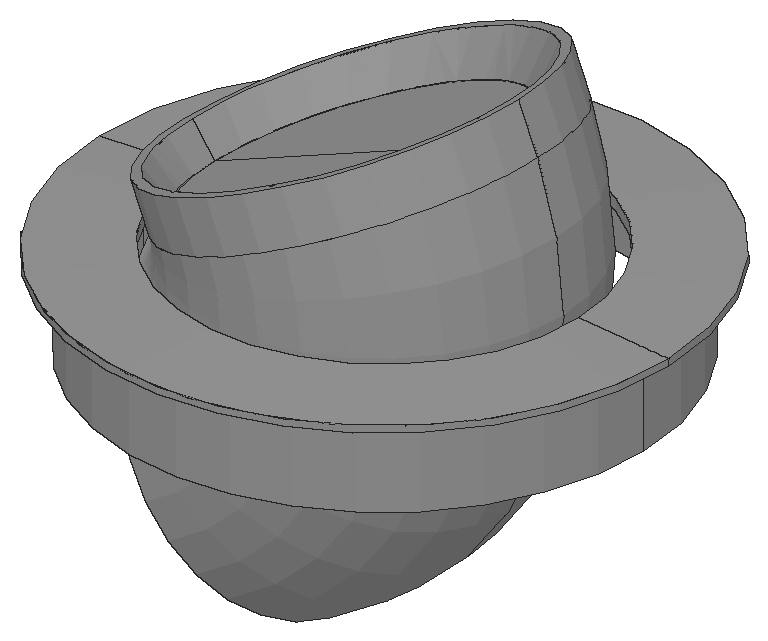
Revit family "0060580 Sylvania Lighting Fixture START Spot Scoop 1050lm 930 MB WHT", category Lighting Fixtures, host Face, Revit 2016
Family settings
  Host = Face
  Part Type = Normal
  Round Connector Dimension = Use Diameter
  OmniClass Number = 23.80.70.00
  OmniClass Title = Lighting
  Cut with Voids When Loaded = No
  Light Source = No
  Shared = No
  Room Calculation Point = No
Parameters (values of type "0060580 START Spot Scoop 1050lm 930 MB WHT")
  Weight = "8.208 kg"
  Wattage Comments = ""
  WarrantyStartDate [instance] = "n/a"
  WarrantyGuarantorParts = "n/a"
  WarrantyDurationUnit = "n/a"
  WarrantyDurationParts = "n/a"
  WarrantyDescription = "n/a"
  Voltage = 230 V
  URL = "http://www.sylvania-lighting.com"
  TypeName = "START Spot Scoop 1050lm 930 MB WHT"
  TypeHeadS_SYL = START Spot Scoop Head S : 0060580 START Spot Scoop 1050lm 930 MB WHT
  Type Image = <None>
  Type Comments = "n/a"
  SerialNumber [instance] = "n/a"
  S_SYL = yes
  RotationAngle_SYL [instance] = 22.00°
  Rad4_SYL = if(S_SYL, 43 mm, if(M_SYL, 67.7 mm, 95 mm))  # 43 mm
  Rad3_SYL = Rad2_SYL - 4 mm  # 53.5 mm
  Rad2_SYL = if(S_SYL, 57.5 mm, if(M_SYL, 77.5 mm, 102.5 mm))  # 57.5 mm
  Rad1_SYL = if(S_SYL, 63 mm, if(M_SYL, 83.5 mm, 110 mm))  # 63 mm
  PowerFactor = 0
  PowerConsumption = "11.8 W"
  NominalLength = 126 mm
  NominalHeight = 99 mm
  NominalDepth = 126 mm
  Name = "START Spot Scoop 1050lm 930 MB WHT"
  ModelReference = Name  # "START Spot Scoop 1050lm 930 MB WHT"
  ModelNumber = "0060580"
  Model = Name  # "START Spot Scoop 1050lm 930 MB WHT"
  Material = "n/a"
  ManufacturerName = "Feilo Sylvania"
  Manufacturer = "Feilo Sylvania"
  M_SYL = no
  LuminousEfficacy = "88.99 lm/W"
  LuminaireType = ""
  LightOutputRatio = "n/a"
  LampsType = Lamp  # "LED"
  LampNominalLuminous = "1050  lm"
  LampMacAdamStep = "n/a"
  LampColourTemperature = "3000 K"
  LampColourRenderingIndex = "90"
  Lamp = "LED"
  Keynote = "16500"
  InstallationDate [instance] = "n/a"
  InputVoltage = "n/a"
  InputNominalFrequency = "n/a"
  IngressProtection = "IP40"
  ImpactProtectionIndex = "IK03"
  IfcExportType = "IfcLightFixtureType"
  IfcExportAs = "IfcLightFixtureType"
  ExpectedLife = 50000
  EndAngle_SYL [instance] = RotationAngle_SYL + 180.00°  # 202.00°
  ElectricShockClassification = "Class II"
  DurationUnit = "hours"
  DocumentationLiterature = "http://www.sylvania-lighting.com/product/en-int/products/0060580"
  DimmingControlOptions = "Non dimmable"
  Description = "Recessed Adjustable Accent Downlight, integrated LED, die cast aluminium body, Ø115mm cut-out, CCT 3000K, 1050lm, total power consumption 12W, resulting in 88lm/W."
  Default Elevation = 1219.2 mm
  CreatedOn = "12/6/2018"
  CreatedBy = "@sylvania-lighting.com"
  Cost = 0
  built-in parameter 1114216 [instance] = (empty or 0)
  ClassificationValue = "EF_70_80"
  ClassificationName = "Uniclass2015"
  Material_1_SYL = PC/ABS Plastic
  BarCode [instance] = "n/a"
  AssetType = "Fixed"
  AssetIdentifier [instance] = "n/a"
  Assembly Code = "D5020200"
  Apparent Load = 11.8 VA
Reference planes
  plane 1 "Center (Front/Back)": y = 0
  plane 2: z = 0
  plane 3 "Center (Left/Right)": x = 0
  plane 4: z = 1.5
  plane 5: z = 2.5
  plane 6: x = -63
  plane 7: x = -63
  plane 8: x = -43
  plane 9: x = -57.5
  plane 10: z = -16
  plane 11: z = -18.8
  plane 12: z = -100
  plane 13: x = -53.5
Forms (mm)
  Revolve 1, void
    sketch origin (0, 0, 0) x (1, 0, 0) y (0, 0, 1)
      loop
        line (0, 0) -> (-57.5, 0) -> (-57.5, -100) -> (0, -100) -> (0, 0)
      axis (0, 0) -> (0, -100)
    angle from 360 to 0
  Revolve 2, solid, material "PC/ABS Plastic" <- "Material_1_SYL"
    sketch origin (0, 0, 0) x (1, 0, 0) y (0, 0, 1)
      loop
        line (-63, 0) -> (-57.5, 0) -> (-57.5, -18.8) -> (-53.5, -18.8) -> (-53.5, 0) -> (-43, 0) -> (-43, 2.5) -> (-63, 1.5) -> (-63, 0)
      axis (0, 2.5) -> (0, -18.8)
    angle from 360 to 0
  Revolve 3, solid, not visible
    sketch origin (0, 0, 0) x (1, 0, 0) y (0, 1, 0)
      loop
        line (-43, -8.793) -> (-43, 6.207) -> (-48, 6.207) -> (-48, -8.793) -> (-43, -8.793)
      axis (-43, 6.207) -> (-43, -8.793)
    angle from 22 <- "RotationAngle_SYL" to 202 <- "EndAngle_SYL"
Dimensions and locks
  locked: plane 2 to plane 12 at 100
  "Rad1_SYL": plane 3 "Center (Left/Right)" to plane 7
  "Rad2_SYL": plane 3 "Center (Left/Right)" to plane 9
  "Rad3_SYL": plane 3 "Center (Left/Right)" to plane 13
  "Rad4_SYL": plane 3 "Center (Left/Right)" to plane 8
  aligned and locked: plane 2 to host face
  aligned and locked: level to host face
  aligned and locked: Revolve 1 sketch curve to plane 3 "Center (Left/Right)"
  aligned and locked: level to Revolve 1 sketch curve
  aligned and locked: plane 3 "Center (Left/Right)" to Revolve 1 sketch curve
  aligned and locked: Revolve 1 sketch curve to plane 9
  aligned and locked: plane 12 to Revolve 1 sketch curve
  aligned and locked: Revolve 2 sketch curve to plane 3 "Center (Left/Right)"
  aligned and locked: Revolve 2 sketch curve to plane 13
  aligned and locked: Revolve 2 sketch curve to plane 11
  aligned and locked: plane 7 to Revolve 2 sketch curve
  aligned and locked: plane 4 to Revolve 2 sketch curve
  aligned and locked: plane 2 to Revolve 2 sketch curve
  aligned and locked: plane 9 to Revolve 2 sketch curve
  aligned and locked: Revolve 2 sketch curve to plane 8
  aligned and locked: Revolve 3 sketch curve to plane 8  (x2)
  aligned and locked: plane 1 "Center (Front/Back)" to nested 1
Automatic sketch dimensions
  host sketch curve to host sketch curve = 2438.4 mm  (x2)
  plane 12 to Revolve 1 sketch curve = 509.6 mm
  Revolve 1 sketch curve to plane 5 = 2606.558 mm
  Revolve 2 sketch curve to plane 5 = 0 mm  (x2)
  Revolve 2 sketch curve to level = 0 mm
  plane 12 to Revolve 2 sketch curve = 509.6 mm
  Revolve 2 sketch curve to plane 5 = 2606.558 mm
  Revolve 2 sketch curve to plane 8 = 0 mm
  Revolve 3 sketch curve to plane 8 = 5 mm
  plane 1 "Center (Front/Back)" to Revolve 3 sketch curve = 8.793 mm
  Revolve 3 sketch curve to plane 1 "Center (Front/Back)" = 6.207 mm
  Revolve 3 sketch curve to Revolve 3 sketch curve = 2546.148 mm
  Revolve 3 sketch curve to Revolve 3 sketch curve = 2091.202 mm
Nested families
  nested 1: "START Spot Scoop Head S" at (-3.131, 0, 16.108) x (-0.9272, 0, -0.3746) z (0.3746, 0, -0.9272), type <- "TypeHeadS_SYL", type "0060580 START Spot Scoop 1050lm 930 MB WHT"
    with built-in parameter 1114216 (empty or 0), Apparent Load 11.8 VA
Connectors
  electrical at (0, 0, 0), driven by "Apparent Load", driven by "PowerFactor", driven by "Voltage"
    settings: index 1, voltage 230 V, apparent load 11.8 VA, apparent load phase1 0 VA, apparent load phase2 0 VA, apparent load phase3 0 VA, power factor 0, load classification "Lighting", number of poles 1, system type 30, power factor state 1, is connector primary yes, connector utility no, sub classification motor no, connector description ""
Definition of nested family "START Spot Scoop Head S"
  Parameters (values of type "0060581 START Spot Scoop 1050lm 940 MB WHT")
    Wattage Comments = "n/a"
    Wattage = 12 W
    built-in parameter 1150110 = 1 (stored number, unit not read)
    URL = "http://www.sylvania-lighting.com"
    Type Image = (empty or 0)
    Type Comments = "n/a"
    built-in parameter 1114217 = 1 (stored number, unit not read)
    Tilt Angle = -90.00°
    built-in parameter 1150109 = 1 (stored number, unit not read)
    built-in parameter 1150134 = 12
    built-in parameter 1150113 = 1 (stored number, unit not read)
    Photometric Web File = "0060581.ies"
    Material_3_SYL = none
    Model = "START Spot Scoop 1050lm 940 MB WHT"
    Manufacturer = "Feilo Sylvania"
    built-in parameter 1150105 = 2435.8 (stored number, unit not read)
    Lumens = 1080 lm
    built-in parameter 1150115 = 1 (stored number, unit not read)
    built-in parameter 1150137 = (empty or 0)
    built-in parameter 1150139 = (empty or 0)
    built-in parameter 1150112 = 1 (stored number, unit not read)
    built-in parameter 1150114 = 1 (stored number, unit not read)
    Lamp = "LED"
    Keynote = "16500"
    Material_2_SYL = none
    built-in parameter 1150132 = (empty or 0)
    built-in parameter 1150102 = (empty or 0)
    built-in parameter 1150107 = 4000 (stored number, unit not read)
    built-in parameter 1150138 = (empty or 0)
    built-in parameter 1150106 = 24.358 (stored number, unit not read)
    Emit from Circle Diameter = 66 mm
    Emit Shape Visible in Rendering = no
    built-in parameter 1150104 = 8.3613 (stored number, unit not read)
    Dimming Lamp Color Temperature Shift = (empty or 0)
    Description = "Recessed Adjustable Accent Downlight, integrated LED, die cast aluminium body, Ø115mm cut-out, CCT 4000K, 1050lm, total power consumption 12W, resulting in 88lm/W."
    Default Elevation = 1219.2 mm
    Cost = 0
    Color Filter = 16777215
    built-in parameter 1114216 [instance] = (empty or 0)
    Material_1_SYL = none
    built-in parameter 1114218 = 1 (stored number, unit not read)
    built-in parameter 1150133 = 10 (stored number, unit not read)
    Assembly Code = "D5020200"
    Apparent Load = 12 VA
    Material_4_SYL = none
  Types (2, lengths in mm): name | built-in parameter 1150134 | Photometric Web File | Model | built-in parameter 1150105 | built-in parameter 1150107 | built-in parameter 1150106 | Description
    0060581 START Spot Scoop 1050lm 940 MB WHT | 12 | "0060581.ies" | "START Spot Scoop 1050lm 940 MB WHT" | 2435.8 (stored number, unit not read) | 4000 (stored number, unit not read) | 24.358 (stored number, unit not read) | "Recessed Adjustable Accent Downlight, integrated LED, die cast aluminium body, Ø115mm cut-out, CCT 4000K, 1050lm, total power consumption 12W, resulting in 88lm/W."
    0060580 START Spot Scoop 1050lm 930 MB WHT | (empty or 0) | "0060580.ies" | "START Spot Scoop 1050lm 930 MB WHT" | 2353.1 (stored number, unit not read) | 3000 (stored number, unit not read) | 23.531 (stored number, unit not read) | "Recessed Adjustable Accent Downlight, integrated LED, die cast aluminium body, Ø115mm cut-out, CCT 3000K, 1050lm, total power consumption 12W, resulting in 88lm/W."
  Reference planes
    plane 1 "Center (Front/Back)": y = 0
    plane 2: z = 0
    plane 3 "Center (Left/Right)": x = 0
    plane 4: x = 40
    plane 5: x = -40
    plane 6: z = -11
    plane 7: z = 6.25
    plane 8: z = 34
    plane 9: x = -38
    plane 10: x = 38
    plane 11: x = 3
    plane 12: z = -3
    plane 13: x = -3
    plane 14: z = -1.5
    plane 15: x = -30
  Forms (mm)
    Extrusion 1, solid
      sketch origin (4.2, 0, 0) x (1, 0, 0) y (0, 1, 0)
        loop
          line (-1219.2, 1219.2) -> (-1219.2, -1219.2) -> (1219.2, -1219.2) -> (1219.2, 1219.2) -> (-1219.2, 1219.2)
      from 0 to -68.017
    SweptBlend 2, solid, material <- "Material_1_SYL"
      path in 3D
        loop
          arc (-40, 0, 0) -> (-18.505, 0, 54.668) -> (34.467, 0, 80.056) r 80.265
      profile origin (-40, 0, 0) x (-1, 0, 0) y (0, -1, 0)
        loop
          circle (-40, 0) r 40
      end profile origin (34.467, 0, 80.056) x (-0.072239, 0, 0.997387) y (0, -1, 0)
        loop
          circle (-40, 0) r 40
    Extrusion 3, solid, material <- "Material_1_SYL"
      sketch origin (0, 0, 0) x (1, 0, 0) y (0, 1, 0)
        loop
          circle (0, 0) r 40
      from -11 to 0
    Blend 4, void
      base sketch origin (1223.4, -4572, -11) x (-1, 0, 0) y (0, -1, 0)
        loop
          circle (1223.4, -4572) r 38
      top sketch origin (1223.4, -4572, -11) x (-1, 0, 0) y (0, -1, 0)
        loop
          circle (1220.4, -4572) r 33
      from 0 to 8
    Revolve 5, void
      sketch origin (0, 0, 0) x (1, 0, 0) y (0, 0, 1)
        loop
          line (3, 34) -> (-3, 34)
          arc (-3, 34) -> (-22.483, 20.801) -> (-30, -1.5) r 36.838
          line (-30, -1.5) -> (-30, -3) -> (3, -3) -> (3, 34)
        axis (3, 34) -> (3, -3)
      angle from 360 to 0
    Revolve 6, solid, material <- "Material_2_SYL"
      sketch origin (0, 0, 0) x (1, 0, 0) y (0, 0, 1)
        loop
          line (3, -3) -> (3, -1.5) -> (-30, -1.5) -> (-30, -3) -> (3, -3)
        axis (3, -1.5) -> (3, -3)
      angle from 360 to 0
  Cuts and joins
    Blend 4, Revolve 5 cuts SweptBlend 2
    Blend 4, Revolve 5 cuts Extrusion 3
    joined: SweptBlend 2, Extrusion 3
  Lines and regions (mm)
    reference lines
      curve 1: arc (-40, 0, 0) -> (-18.505, 0, 54.668) -> (34.467, 0, 80.056) r 80.265
      curve 2: circle (0, 0, 0) r 40 normal (0, 0, 1)
      curve 3: circle (37.357, 0, 40.16) r 40 normal (0.9974, 0, 0.0722)
      curve 5: circle (0, 0, -11) r 38 normal (0, 0, 1)
      curve 6: circle (3, 0, -3) r 33 normal (0, 0, 1)
    sketch lines
      curve 4: arc (-40, 0, 0) -> (-18.505, 0, 54.668) -> (34.467, 0, 80.056) r 80.265
  Dimensions and locks
    equal spacing: plane 4, plane 3 "Center (Left/Right)", plane 5
    locked: plane 4 to plane 5 at 80
    locked: level to plane 6 at 11
    locked: plane 8 to plane 6 at 45
    equal spacing: plane 10, plane 3 "Center (Left/Right)", plane 9
    locked: plane 9 to plane 5 at 2
    locked: plane 11 to plane 3 "Center (Left/Right)" at 3
    locked: plane 12 to plane 6 at 8
    locked: plane 11 to plane 13 at 6
    locked: plane 14 to plane 12 at 1.5
    locked: plane 3 "Center (Left/Right)" to plane 15 at 30
    aligned and locked: plane 2 to Extrusion 1
    aligned and locked: level to Extrusion 1
    aligned and locked: plane 5 to curve 1
    aligned and locked: SweptBlend 2 sketch curve to curve 2
    aligned and locked: SweptBlend 2 sketch curve to curve 3
    aligned and locked: Extrusion 3 sketch curve to curve 2
    aligned and locked: level to Extrusion 3
    aligned and locked: plane 6 to Extrusion 3
    aligned and locked: plane 2 to Extrusion 3
    aligned and locked: plane 11 to curve 6
    aligned and locked: plane 1 "Center (Front/Back)" to curve 6
    aligned and locked: Blend 4 sketch curve to curve 5
    aligned and locked: Blend 4 sketch curve to curve 6
    aligned and locked: Extrusion 3 to Blend 4
    aligned and locked: Blend 4 to plane 12
    aligned and locked: Revolve 5 sketch curve to plane 11  (x2)
    aligned and locked: Revolve 5 sketch curve to curve 6
    aligned and locked: Revolve 5 sketch curve to cut or joined group of SweptBlend 2, Extrusion 3, Blend 4, Revolve 5
    aligned and locked: plane 14 to Revolve 5 sketch curve
    aligned and locked: Revolve 6 sketch curve to plane 12
    aligned and locked: plane 14 to Revolve 6 sketch curve
    aligned and locked: Revolve 6 sketch curve to plane 11  (x2)
    aligned and locked: plane 15 to Revolve 6 sketch curve
    aligned and locked: plane 12 to imposter light
    aligned and locked: imposter light to plane 1 "Center (Front/Back)"
    aligned and locked: imposter light to plane 11
  Automatic sketch dimensions
    Extrusion 1 sketch curve to Extrusion 1 sketch curve = 2438.4 mm  (x2)
    curve 1 to level = 0 mm
    plane 4 to curve 1 = 0.265 mm
    curve 1 to plane 4 = 5.533 mm
    plane 1 "Center (Front/Back)" to curve 3 = 0 mm
    plane 1 "Center (Front/Back)" to curve 2 = 0 mm
    curve 2 to plane 3 "Center (Left/Right)" = 0 mm
    plane 1 "Center (Front/Back)" to curve 5 = 0 mm
    curve 5 to plane 3 "Center (Left/Right)" = 0 mm
    Revolve 5 sketch curve to plane 13 = 0 mm
    Revolve 5 sketch curve to plane 8 = 0 mm
    plane 6 to Revolve 5 sketch curve = 598.6 mm
    Revolve 5 sketch curve to Revolve 5 sketch curve = 2575.058 mm
    plane 6 to Revolve 6 sketch curve = 598.6 mm
    Revolve 6 sketch curve to plane 8 = 2575.058 mm
    radius of curve 3 = 40 mm
    radius of curve 2 = 40 mm
    radius of curve 5 = 38 mm
    radius of curve 6 = 33 mm
  Connectors
    electrical at (0, 0, 0), driven by "Apparent Load"
      settings: index 1, voltage 230 V, apparent load 12 VA, apparent load phase1 0 VA, apparent load phase2 0 VA, apparent load phase3 0 VA, power factor 0, load classification none, number of poles 1, system type 30, power factor state 1, is connector primary yes, connector utility no, sub classification motor no, connector description ""
